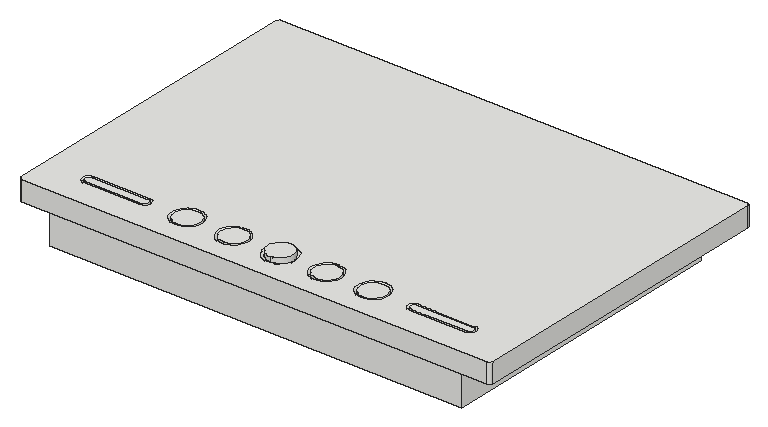
Revit family "Electronics -Communication_Urmet_1719-1", category Apparecchi elettrici, host Superficie, Revit 2017
Family settings
  Host = Superficie
  Mantenere orientamento annotazione = No
  Quota connettore circolare = Usa diametro
  Tipo di parte = Normale
  Taglio con vuoti quando caricato = No
  Condiviso = No
  Punto di calcolo locali = No
Parameters
  Youtube clip = ""
  Wiring = "2 wires"
  Weight net = 0.704 kg
  Voltage = "Low voltage (<50Vdc)"
  Video luminosity regulation = yes
  Video contrast regulation = no
  Video color regulation = yes
  Uniformat II Description = "Communications & Security"
  Uniformat II Code = "D5030"
  Uniclass 2015 Name = "Intercom remote handsets"
  Uniclass 2015 Code = "Pr_75_75_27_43"
  Uniclass 2.0 Description = "Intercom Remote Handsets"
  Uniclass 2.0 Code = "PR-16-02-43"
  Uniclass 1.4 Description = "Intercom systems"
  Uniclass 1.4 Code = "L7632"
  URL = "https://www.urmet.com"
  UNSPSC Code = "43221525"
  UE Conformity Declaration: = "http://qrcode.urmet.com/default.aspx?prodUrmet=141428&lingua=en"
  Type image = "http://qrcode.urmet.com/default.aspx?prodUrmet=141428&lingua=en"
  Touch Display = yes
  Terminal block labels = "2xLINE IN  2xLINE OUT  2xCP  S+  S-  C  Y1  Y2"
  Temperature range (°C) = "-5/45"
  Technical description = "http://qrcode.urmet.com/default.aspx?prodUrmet=141428&lingua=en"
  System technology = "2 wires"
  System name = "2Voice\r\n2Voice\r\n2Voice\r\n2Voice"
  Switchboard call = yes
  Sustainability Performance = "RAEE/WEEE compliant"
  Selectable ringtone for external calls and floor call = yes
  Ringing volume regulation = yes
  Ringing off (mute) function = yes
  Remote relay activations = "1"
  Region South America = "All"
  Region Oceania = "All"
  Region North America = "All"
  Region Middle East = "All"
  Region Europe = "All"
  Region Asia = "All"
  Region Antarctica = "All"
  Region Africa = "All"
  QR code = ""
  Product url = "http://qrcode.urmet.com/default.aspx?prodUrmet=141428&lingua=en"
  Product group = ""
  Product family = ""
  Product data url = ""
  Product certification = "http://qrcode.urmet.com/default.aspx?prodUrmet=141428&lingua=en"
  Product SKU = "1719-1"
  Product Guide: = "http://qrcode.urmet.com/default.aspx?prodUrmet=141428&lingua=en"
  Predisposition for external optional ringer = yes
  Power consumption: = "http://qrcode.urmet.com/default.aspx?arg=manuali&sezione=2voice&lingua=en"
  Pedestrian door opening = yes
  Outgoing intercom calls = "1/2"
  OmniClass Description = "Door Entry Telephones"
  OmniClass Code = "23-37 23 17 13"
  Number of mechanical Pushbuttons = "0"
  Number of Touch buttons = "7"
  Nominal width = 202 mm
  Nominal height = 142 mm
  NBS Reference Description = "Intercom Remote Handsets"
  NBS Reference Code = "16-02-43"
  N. od terminal blocks = "11"
  Modello = "vmodo"
  Material main = "Plastic"
  Masterformat 2014 Description = "Residential Intercommunications and Program Systems"
  Masterformat 2014 Code = "27 51 23.30"
  Manufacturer country = "China"
  Produttore = "Urmet S.p.A.\r\nUrmet S.p.A."
  Main led signalizations = "2"
  Keynote = ""
  Installation on 503 flush and 60 mm diameter round boxes = yes
  Installation instructions = "http://qrcode.urmet.com/default.aspx?prodUrmet=141428&lingua=en"
  Installation = "Surface mounting"
  Incoming floor call = yes
  IP Grade = "30"
  IK Grade = "-"
  IFC Classification = "Electrical Element"
  Humidity range (%) = "95%"
  Home automation Yokis buttons = "2"
  Handset /Hands free = "Hands free"
  Gate door opening = yes
  GTIN code = ""
  Finishing = "Gloss"
  Edition number = 2
  EAN Product Code = "8021156064120"
  Display resolution (pixel) = "800x480"
  Display Format = "16:9/4:3"
  Display Dimensions = "7\""
  Dimensions (LxHxP) = "202 x 142 x 23 mm"
  Design country = "Italy"
  Descrizione = "VIDEO DOOR PHONE 7\" HANDSFREE SOFT TOUCH"
  Default Elevation = 1219.2 mm
  Date of publishing = "2021-01-21"
  Data-sheet: = "http://qrcode.urmet.com/default.aspx?prodUrmet=141428&lingua=en"
  Combined Nomenclature Code = "8517691000"
  Color = "White RAL9003"
  Call forwarding = "Yes, with optional device"
  COBIe Type Category = ""
  Brand url = "https://www.urmet.com/en-us/"
  Auxiliary antenna for Hearing impaired people = no
  Automatic door opening function = yes
  Auto-insertion function and scrolling of CCTV cameras = yes
  Audio or Audio/Video system = "Audio/video"
  Codice assieme = "1719/1"
  Additional led signalizations = "4"
Reference planes
  plane 1 "Center (Front/Back)": y = 0
  plane 2: z = 0
  plane 3 "Center (Left/Right)": x = 0
Forms (mm)
  Extrusion 1, solid, not visible
    sketch origin (125, -1171.075, 27.5) x (0, 1, 0) y (-1, 0, 0)
      loop
        line (1178.319, 161.344) -> (1158.319, 161.344) -> (1158.319, 146.344) -> (1178.319, 146.344) -> (1178.319, 161.344)
      loop
        line (1178.319, 134.375) -> (1158.319, 134.375) -> (1158.319, 118.017) -> (1178.319, 118.017) -> (1178.319, 134.375)
    from -17.093 to -27.5
  Extrusion 2, solid, material "Plastic - Urmet Plastic - RAL9003 - Gloss", not visible, detail levels fine
    sketch origin (125, -1171.075, 27.5) x (0, 1, 0) y (-1, 0, 0)
      loop
        line (1271.075, 51) -> (1271.075, 199)
        arc (1271.075, 199) -> (1267.414, 207.839) -> (1258.575, 211.5) r 12.5
        line (1258.575, 211.5) -> (1083.575, 211.5)
        arc (1083.575, 211.5) -> (1074.736, 207.839) -> (1071.075, 199) r 12.5
        line (1071.075, 199) -> (1071.075, 51)
        arc (1071.075, 51) -> (1074.736, 42.161) -> (1083.575, 38.5) r 12.5
        line (1083.575, 38.5) -> (1258.575, 38.5)
        arc (1258.575, 38.5) -> (1267.414, 42.161) -> (1271.075, 51) r 12.5
    from 0 to -27.5
  Sweep 3, void, not visible
    path origin (125, -1208.075, 27.5) x (1, 0, 0) y (0, 1, 0)
      loop
        circle (-109.73, 1168.075) r 5
    profile origin (15.27, -45, 27.5) x (0, -1, 0) y (0, 0, 1)
      loop
        line (0, 0) -> (0, -1)
        arc (0, -1) -> (0.856, -0.658) -> (1.5, 0) r 2.228
        line (1.5, 0) -> (0, 0)
  Revolve 4, void, not visible
    sketch origin (15.27, -1171.075, -75) x (0, 0, 1) y (0, 1, 0)
      loop
        line (100.7, 1168.075) -> (100.7, 1159.075)
        arc (100.7, 1159.075) -> (101.176, 1156.974) -> (102.5, 1155.275) r 4.946
        line (102.5, 1155.275) -> (102.5, 1168.075) -> (100.7, 1168.075)
      axis (102.5, 1168.075) -> (100.7, 1168.075)
    angle from 0 to 360
  Sweep 5, void, not visible
    path origin (125, -1225.575, 27.5) x (1, 0, 0) y (0, 1, 0)
      loop
        circle (-109.73, 1168.075) r 5
    profile origin (15.27, -62.5, 27.5) x (0, -1, 0) y (0, 0, 1)
      loop
        line (0, 0) -> (0, -1)
        arc (0, -1) -> (0.856, -0.658) -> (1.5, 0) r 2.228
        line (1.5, 0) -> (0, 0)
  Sweep 6, void, not visible
    path origin (125, -1243.075, 27.5) x (1, 0, 0) y (0, 1, 0)
      loop
        circle (-109.73, 1168.075) r 5
    profile origin (15.27, -80, 27.5) x (0, -1, 0) y (0, 0, 1)
      loop
        line (0, 0) -> (0, -1)
        arc (0, -1) -> (0.856, -0.658) -> (1.5, 0) r 2.228
        line (1.5, 0) -> (0, 0)
  Sweep 7, void, not visible
    path origin (125, -1171.075, 27.5) x (1, 0, 0) y (0, 1, 0)
      loop
        arc (-196.8, 1251.675) -> (-197.578, 1251.353) -> (-197.9, 1250.575) r 1.1
        line (-197.9, 1250.575) -> (-197.9, 1196.175)
        arc (-197.9, 1196.175) -> (-197.578, 1195.397) -> (-196.8, 1195.075) r 1.1
        line (-196.8, 1195.075) -> (-101.6, 1195.075)
        arc (-101.6, 1195.075) -> (-100.822, 1195.397) -> (-100.5, 1196.175) r 1.1
        line (-100.5, 1196.175) -> (-100.5, 1250.575)
        arc (-100.5, 1250.575) -> (-100.822, 1251.353) -> (-101.6, 1251.675) r 1.1
        line (-101.6, 1251.675) -> (-196.8, 1251.675)
    profile origin (-24.2, 80.6, 27.5) x (0, 1, 0) y (0, 0, 1)
      loop
        line (0, 0) -> (0, -1)
        arc (0, -1) -> (2.056, -0.725) -> (4, 0) r 9.264
        line (4, 0) -> (0, 0)
  Extrusion 8, void, not visible
    sketch origin (125, -1171.075, 27.5) x (1, 0, 0) y (0, 1, 0)
      loop
        line (-101.6, 1251.675) -> (-196.8, 1251.675)
        arc (-196.8, 1251.675) -> (-197.578, 1251.353) -> (-197.9, 1250.575) r 1.1
        line (-197.9, 1250.575) -> (-197.9, 1196.175)
        arc (-197.9, 1196.175) -> (-197.578, 1195.397) -> (-196.8, 1195.075) r 1.1
        line (-196.8, 1195.075) -> (-101.6, 1195.075)
        arc (-101.6, 1195.075) -> (-100.822, 1195.397) -> (-100.5, 1196.175) r 1.1
        line (-100.5, 1196.175) -> (-100.5, 1250.575)
        arc (-100.5, 1250.575) -> (-100.822, 1251.353) -> (-101.6, 1251.675) r 1.1
    from -3 to 3
  Sweep 9, void, not visible
    path origin (172.23, -1171.075, 27.5) x (1, 0, 0) y (0, 1, 0)
      loop
        circle (-109.73, 1168.075) r 10.6
    profile origin (62.5, -13.6, 27.5) x (0, -1, 0) y (0, 0, 1)
      loop
        arc (0, -1) -> (2.059, -0.736) -> (4, 0) r 8.84
        line (4, 0) -> (0, 0) -> (0, -1)
  Extrusion 10, solid, material "Plastic - Urmet Plastic - RAL9003 - Gloss", not visible, detail levels fine
    sketch origin (125, -1171.075, 40) x (1, 0, 0) y (0, 1, 0)
      loop
        arc (-74.15, 1271.075) -> (-82.989, 1267.414) -> (-86.65, 1258.575) r 12.5
        line (-86.65, 1258.575) -> (-86.65, 1083.575)
        arc (-86.65, 1083.575) -> (-82.989, 1074.736) -> (-74.15, 1071.075) r 12.5
        line (-74.15, 1071.075) -> (-50.85, 1071.075)
        arc (-50.85, 1071.075) -> (-42.011, 1074.736) -> (-38.35, 1083.575) r 12.5
        line (-38.35, 1083.575) -> (-38.35, 1258.575)
        arc (-38.35, 1258.575) -> (-42.011, 1267.414) -> (-50.85, 1271.075) r 12.5
        line (-50.85, 1271.075) -> (-74.15, 1271.075)
    from 0 to 12
  Blend 11, solid, material "Plastic - Urmet Plastic - RAL9003 - Gloss", not visible, detail levels fine
    base sketch origin (125, -100, -75.097) x (0, 0, -1) y (1, 0, 0)
      loop
        circle (-121, -62.5) r 3.3
    top sketch origin (125, -114.75, -75.097) x (0, 0, -1) y (1, 0, 0)
      loop
        circle (-121, -62.5) r 4
    from 14.75 to -14.75
  Blend 12, solid, material "Plastic - Urmet Plastic - RAL9003 - Gloss", not visible, detail levels fine
    base sketch origin (125, -1223.47, 40) x (0, 1, 0) y (-1, 0, 0)
      loop
        circle (1157.475, 62.5) r 17.534
    top sketch origin (125, -1223.47, 40) x (0, 1, 0) y (-1, 0, 0)
      loop
        circle (1157.475, 62.5) r 22.447
    from -12.5 to 0
  Blend 13, solid, material "Plastic - Urmet Plastic - RAL9003 - Gloss", not visible, detail levels fine
    base sketch origin (125, -1088.47, 40) x (0, 1, 0) y (-1, 0, 0)
      loop
        circle (1157.475, 62.5) r 17.534
    top sketch origin (125, -1088.47, 40) x (0, 1, 0) y (-1, 0, 0)
      loop
        circle (1157.475, 62.5) r 22.447
    from -12.5 to 0
  Extrusion 14, solid, material "Plastic - Urmet Plastic - RAL9003 - Gloss", not visible, detail levels medium
    sketch origin (425, -1171.075, 27.5) x (0, 1, 0) y (-1, 0, 0)
      loop
        line (1271.075, 51) -> (1271.075, 199)
        arc (1271.075, 199) -> (1267.414, 207.839) -> (1258.575, 211.5) r 12.5
        line (1258.575, 211.5) -> (1083.575, 211.5)
        arc (1083.575, 211.5) -> (1074.736, 207.839) -> (1071.075, 199) r 12.5
        line (1071.075, 199) -> (1071.075, 51)
        arc (1071.075, 51) -> (1074.736, 42.161) -> (1083.575, 38.5) r 12.5
        line (1083.575, 38.5) -> (1258.575, 38.5)
        arc (1258.575, 38.5) -> (1267.414, 42.161) -> (1271.075, 51) r 12.5
    from 0 to -27.5
  Extrusion 15, solid, material "Plastic - Urmet Plastic - RAL9003 - Gloss", not visible, detail levels medium
    sketch origin (425, -1171.075, 40) x (1, 0, 0) y (0, 1, 0)
      loop
        arc (-74.15, 1271.075) -> (-82.989, 1267.414) -> (-86.65, 1258.575) r 12.5
        line (-86.65, 1258.575) -> (-86.65, 1083.575)
        arc (-86.65, 1083.575) -> (-82.989, 1074.736) -> (-74.15, 1071.075) r 12.5
        line (-74.15, 1071.075) -> (-50.85, 1071.075)
        arc (-50.85, 1071.075) -> (-42.011, 1074.736) -> (-38.35, 1083.575) r 12.5
        line (-38.35, 1083.575) -> (-38.35, 1258.575)
        arc (-38.35, 1258.575) -> (-42.011, 1267.414) -> (-50.85, 1271.075) r 12.5
        line (-50.85, 1271.075) -> (-74.15, 1271.075)
    from 0 to 12
  Extrusion 16, void, not visible, detail levels medium
    sketch origin (425, -1171.075, 27.5) x (-1, 0, 0) y (0, 1, 0)
      loop
        line (197.9, 1251.675) -> (100.5, 1251.675) -> (100.5, 1195.075) -> (197.9, 1195.075) -> (197.9, 1251.675)
    from 0 to 3
  Extrusion 17, solid, material "Plastic - Urmet Plastic - RAL9003 - Gloss", not visible, detail levels medium
    sketch origin (125, -1171.075, 27.5) x (0, 1, 0) y (-1, 0, 0)
      loop
        circle (1105.08, -237.35) r 20
      loop
        circle (1240.08, -237.35) r 20
    from 0 to 12.5
  Extrusion 18, solid, material "Plastic - Urmet Plastic - RAL9003 - Gloss", not visible, detail levels coarse
    sketch origin (125, -1171.075, 27.5) x (0, 1, 0) y (-1, 0, 0)
      loop
        line (1271.075, -388.5) -> (1071.075, -388.5) -> (1071.075, -561.65) -> (1271.075, -561.65) -> (1271.075, -388.5)
    from -27.5 to 24.5
  Extrusion 19, solid, material "Plastic - Urmet Plastic - RAL9003 - Gloss", not visible, detail levels fine
    sketch origin (125, -1171.075, 27.5) x (0, 1, 0) y (-1, 0, 0)
      loop
        circle (1168.075, 109.73) r 8.6
    from -1.8 to 1.2
  Extrusion 20, solid, material "Plastic - Urmet Plastic - RAL9003 - Gloss", not visible, detail levels fine
    sketch origin (10, 0, 0) x (1, 0, 0) y (0, 0, 1)
      loop
        circle (27.785, 21.154) r 1.5
    from 100 to 110.794
  Extrusion 21, solid, material "Plastic - Urmet Plastic - RAL9003 - Gloss", not visible, detail levels fine
    sketch origin (10, 0, 0) x (1, 0, 0) y (0, 0, 1)
      loop
        circle (27.801, 21.17) r 5
    from 110.794 to 130.126
  Extrusion 22, solid, material "Plastic - Urmet Plastic - RAL9003 - Gloss", not visible, detail levels fine
    sketch origin (34.699, 0, 24.699) x (1, 0, 0) y (0, 0, 1)
      loop
        circle (27.785, 21.154) r 1.5
    from 114.75 to 125.552
  Extrusion 23, solid, material "Plastic - Urmet Plastic - RAL9003 - Gloss", not visible, detail levels fine
    sketch origin (34.699, 0, 24.699) x (1, 0, 0) y (0, 0, 1)
      loop
        circle (27.801, 21.17) r 5
    from 125.552 to 143.369
  Extrusion 24, solid, material "Plastic - Urmet Plastic - RAL9003 - Gloss", detail levels fine
    sketch origin (125, -1171.075, -0.3) x (0, 1, 0) y (-1, 0, 0)
      loop
        arc (1242.075, 224.5) -> (1241.636, 225.561) -> (1240.575, 226) r 1.5
        line (1240.575, 226) -> (1103.689, 226)
        arc (1103.689, 226) -> (1102.629, 225.561) -> (1102.189, 224.5) r 1.5
        line (1102.189, 224.5) -> (1102.189, 24.638)
        arc (1102.189, 24.638) -> (1102.629, 23.578) -> (1103.689, 23.138) r 1.5
        line (1103.689, 23.138) -> (1240.575, 23.138)
        arc (1240.575, 23.138) -> (1241.636, 23.578) -> (1242.075, 24.638) r 1.5
        line (1242.075, 24.638) -> (1242.075, 224.5)
    from 14 to 22.3
  Revolve 25, void
    sketch origin (0, -104.83, 0) x (0, 1, 0) y (0, 0, 1)
      loop
        line (50.53, 22) -> (50.53, 20.5) -> (56.03, 20.5) -> (56.03, 21.417) -> (57.28, 22) -> (50.53, 22)
      axis (50.53, 20.5) -> (50.53, 22)
    angle from 0 to 360
  Extrusion 26, solid, material "Plastic - Urmet Plastic - RAL9003 - Gloss", detail levels fine
    sketch origin (0, -54.3, 20.5) x (0, 1, 0) y (-1, 0, 0)
      loop
        circle (0, 0) r 5.4
    from 0 to 3
  Sweep 27, void
    path origin (119.498, -1167.646, 22) x (0, 1, 0) y (-1, 0, 0)
      loop
        circle (1113.346, 99.498) r 5.5
    profile origin (14.5, -54.3, 22) x (1, 0, 0) y (0, 0, 1)
      loop
        line (0, 0) -> (-1, 0) -> (0, -1) -> (0, 0)
  Sweep 28, void
    path origin (139.498, -1167.646, 22) x (0, 1, 0) y (-1, 0, 0)
      loop
        circle (1113.346, 99.498) r 5.5
    profile origin (34.5, -54.3, 22) x (1, 0, 0) y (0, 0, 1)
      loop
        line (0, 0) -> (-1, 0) -> (0, -1) -> (0, 0)
  Sweep 29, void
    path origin (-119.498, -1167.646, 22) x (0, 1, 0) y (-1, 0, 0)
      loop
        circle (1113.346, -99.498) r 5.5
    profile origin (-14.5, -54.3, 22) x (1, 0, 0) y (0, 0, 1)
      loop
        line (0, 0) -> (0, -1) -> (1, 0) -> (0, 0)
  Sweep 30, void
    path origin (-139.498, -1167.646, 22) x (0, 1, 0) y (-1, 0, 0)
      loop
        circle (1113.346, -99.498) r 5.5
    profile origin (-34.5, -54.3, 22) x (1, 0, 0) y (0, 0, 1)
      loop
        line (0, 0) -> (0, -1) -> (1, 0) -> (0, 0)
  Sweep 31, void
    path origin (119.284, -1171.075, 22) x (0, 1, 0) y (-1, 0, 0)
      loop
        line (1118.028, 37.264) -> (1118.028, 61.264)
        arc (1118.028, 61.264) -> (1116.378, 62.914) -> (1114.728, 61.264) r 1.65
        line (1114.728, 61.264) -> (1114.728, 37.264)
        arc (1114.728, 37.264) -> (1116.378, 35.614) -> (1118.028, 37.264) r 1.65
    profile origin (70.02, -53.047, 22) x (0, -1, 0) y (0, 0, 1)
      loop
        line (0, 0) -> (-1, 0) -> (0, -1) -> (0, 0)
  Sweep 32, void
    path origin (-119.284, -1171.075, 22) x (0, 1, 0) y (-1, 0, 0)
      loop
        arc (1118.028, -37.264) -> (1116.378, -35.614) -> (1114.728, -37.264) r 1.65
        line (1114.728, -37.264) -> (1114.728, -61.264)
        arc (1114.728, -61.264) -> (1116.378, -62.914) -> (1118.028, -61.264) r 1.65
        line (1118.028, -61.264) -> (1118.028, -37.264)
    profile origin (-70.02, -53.047, 22) x (0, 1, 0) y (0, 0, 1)
      loop
        line (0, 0) -> (0, -1) -> (1, 0) -> (0, 0)
  Extrusion 33, solid, material "Plastic - Urmet Plastic - RAL9003 - Gloss", detail levels fine
    sketch origin (125, -1171.075, 22) x (0, 1, 0) y (-1, 0, 0)
      loop
        line (1232.075, 213.7) -> (1103.423, 213.7) -> (1103.423, 36.3) -> (1232.075, 36.3) -> (1232.075, 213.7)
    from -22 to -8.3
  Extrusion 34, solid, material "Plastic - Urmet Plastic - RAL9003 - Gloss", detail levels medium
    sketch origin (-315, 0, 0) x (1, 0, 0) y (0, 1, 0)
      loop
        line (214, 69.5) -> (214, -67.386)
        arc (214, -67.386) -> (214.439, -68.446) -> (215.5, -68.886) r 1.5
        line (215.5, -68.886) -> (415.362, -68.886)
        arc (415.362, -68.886) -> (416.422, -68.446) -> (416.862, -67.386) r 1.5
        line (416.862, -67.386) -> (416.862, 69.5)
        arc (416.862, 69.5) -> (416.422, 70.561) -> (415.362, 71) r 1.5
        line (415.362, 71) -> (215.5, 71)
        arc (215.5, 71) -> (214.439, 70.561) -> (214, 69.5) r 1.5
    from 13.7 to 22
  Extrusion 35, solid, material "Plastic - Urmet Plastic - RAL9003 - Gloss", detail levels medium
    sketch origin (125, -1171.075, 22) x (0, 1, 0) y (-1, 0, 0)
      loop
        line (1232.075, 213.7) -> (1103.423, 213.7) -> (1103.423, 36.3) -> (1232.075, 36.3) -> (1232.075, 213.7)
    from -22 to -8.3
  Extrusion 36, solid, material "Plastic - Urmet Plastic - RAL9003 - Gloss", detail levels coarse
    sketch origin (-315, 0, 0) x (1, 0, 0) y (0, 1, 0)
      loop
        line (214, 71) -> (214, -68.886) -> (416.862, -68.886) -> (416.862, 71) -> (214, 71)
    from 0 to 22
  Extrusion 37, solid, material "Plastic - Urmet Plastic - RAL9003 - Gloss", not visible, detail levels fine
    sketch origin (125, -1171.075, -0.3) x (0, 1, 0) y (-1, 0, 0)
      loop
        arc (1242.075, 224.5) -> (1241.636, 225.561) -> (1240.575, 226) r 1.5
        line (1240.575, 226) -> (1103.689, 226)
        arc (1103.689, 226) -> (1102.629, 225.561) -> (1102.189, 224.5) r 1.5
        line (1102.189, 224.5) -> (1102.189, 24.638)
        arc (1102.189, 24.638) -> (1102.629, 23.578) -> (1103.689, 23.138) r 1.5
        line (1103.689, 23.138) -> (1240.575, 23.138)
        arc (1240.575, 23.138) -> (1241.636, 23.578) -> (1242.075, 24.638) r 1.5
        line (1242.075, 24.638) -> (1242.075, 224.5)
    from 14 to 22.3
  Revolve 38, void, not visible
    sketch origin (0, -104.83, 0) x (0, 1, 0) y (0, 0, 1)
      loop
        line (50.53, 22) -> (50.53, 20.5) -> (56.03, 20.5) -> (56.03, 21.417) -> (57.28, 22) -> (50.53, 22)
      axis (50.53, 20.5) -> (50.53, 22)
    angle from 0 to 360
  Extrusion 39, solid, material "Plastic - Urmet Plastic - RAL9003 - Gloss", not visible, detail levels fine
    sketch origin (0, -54.3, 20.5) x (0, 1, 0) y (-1, 0, 0)
      loop
        circle (0, 0) r 5.4
    from 0 to 3
  Sweep 40, void, not visible
    path origin (119.498, -1167.646, 22) x (0, 1, 0) y (-1, 0, 0)
      loop
        circle (1113.346, 99.498) r 5.5
    profile origin (14.5, -54.3, 22) x (1, 0, 0) y (0, 0, 1)
      loop
        line (0, 0) -> (-1, 0) -> (0, -1) -> (0, 0)
  Sweep 41, void, not visible
    path origin (139.498, -1167.646, 22) x (0, 1, 0) y (-1, 0, 0)
      loop
        circle (1113.346, 99.498) r 5.5
    profile origin (34.5, -54.3, 22) x (1, 0, 0) y (0, 0, 1)
      loop
        line (0, 0) -> (-1, 0) -> (0, -1) -> (0, 0)
  Sweep 42, void, not visible
    path origin (-119.498, -1167.646, 22) x (0, 1, 0) y (-1, 0, 0)
      loop
        circle (1113.346, -99.498) r 5.5
    profile origin (-14.5, -54.3, 22) x (1, 0, 0) y (0, 0, 1)
      loop
        line (0, 0) -> (0, -1) -> (1, 0) -> (0, 0)
  Sweep 43, void, not visible
    path origin (-139.498, -1167.646, 22) x (0, 1, 0) y (-1, 0, 0)
      loop
        circle (1113.346, -99.498) r 5.5
    profile origin (-34.5, -54.3, 22) x (1, 0, 0) y (0, 0, 1)
      loop
        line (0, 0) -> (0, -1) -> (1, 0) -> (0, 0)
  Sweep 44, void, not visible
    path origin (119.284, -1171.075, 22) x (0, 1, 0) y (-1, 0, 0)
      loop
        line (1118.028, 37.264) -> (1118.028, 61.264)
        arc (1118.028, 61.264) -> (1116.378, 62.914) -> (1114.728, 61.264) r 1.65
        line (1114.728, 61.264) -> (1114.728, 37.264)
        arc (1114.728, 37.264) -> (1116.378, 35.614) -> (1118.028, 37.264) r 1.65
    profile origin (70.02, -53.047, 22) x (0, -1, 0) y (0, 0, 1)
      loop
        line (0, 0) -> (-1, 0) -> (0, -1) -> (0, 0)
  Sweep 45, void, not visible
    path origin (-119.284, -1171.075, 22) x (0, 1, 0) y (-1, 0, 0)
      loop
        arc (1118.028, -37.264) -> (1116.378, -35.614) -> (1114.728, -37.264) r 1.65
        line (1114.728, -37.264) -> (1114.728, -61.264)
        arc (1114.728, -61.264) -> (1116.378, -62.914) -> (1118.028, -61.264) r 1.65
        line (1118.028, -61.264) -> (1118.028, -37.264)
    profile origin (-70.02, -53.047, 22) x (0, 1, 0) y (0, 0, 1)
      loop
        line (0, 0) -> (0, -1) -> (1, 0) -> (0, 0)
  Extrusion 46, solid, material "Plastic - Urmet Plastic - RAL9003 - Gloss", not visible, detail levels fine
    sketch origin (125, -1171.075, 22) x (0, 1, 0) y (-1, 0, 0)
      loop
        line (1232.075, 213.7) -> (1103.423, 213.7) -> (1103.423, 36.3) -> (1232.075, 36.3) -> (1232.075, 213.7)
    from -22 to -8.3
  Extrusion 47, solid, material "Plastic - Urmet Plastic - RAL9003 - Gloss", not visible, detail levels medium
    sketch origin (0, 0, 0) x (1, 0, 0) y (0, 1, 0)
      loop
        line (214, 69.5) -> (214, -67.386)
        arc (214, -67.386) -> (214.439, -68.446) -> (215.5, -68.886) r 1.5
        line (215.5, -68.886) -> (415.362, -68.886)
        arc (415.362, -68.886) -> (416.422, -68.446) -> (416.862, -67.386) r 1.5
        line (416.862, -67.386) -> (416.862, 69.5)
        arc (416.862, 69.5) -> (416.422, 70.561) -> (415.362, 71) r 1.5
        line (415.362, 71) -> (215.5, 71)
        arc (215.5, 71) -> (214.439, 70.561) -> (214, 69.5) r 1.5
    from 13.7 to 22
  Extrusion 48, solid, material "Plastic - Urmet Plastic - RAL9003 - Gloss", not visible, detail levels medium
    sketch origin (440, -1171.075, 22) x (0, 1, 0) y (-1, 0, 0)
      loop
        line (1232.075, 213.7) -> (1103.423, 213.7) -> (1103.423, 36.3) -> (1232.075, 36.3) -> (1232.075, 213.7)
    from -22 to -8.3
  Extrusion 49, solid, material "Plastic - Urmet Plastic - RAL9003 - Gloss", not visible, detail levels coarse
    sketch origin (260, 0, 0) x (1, 0, 0) y (0, 1, 0)
      loop
        line (214, 71) -> (214, -68.886) -> (416.862, -68.886) -> (416.862, 71) -> (214, 71)
    from 0 to 22
Cuts and joins
  Revolve 25, Sweep 27, Sweep 28, Sweep 29, Sweep 30, Sweep 31, Sweep 32 cuts Extrusion 24
Lines and regions (mm)
  Masking region 1
    outline origin (0, 0, 0) x (1, 0, 0) y (0, 0, 1)
      loop
        line (101.862, 22) -> (-101, 22) -> (-101, 13.7) -> (-88.7, 13.7) -> (-88.7, 0) -> (88.7, 0) -> (88.7, 13.7) -> (101.862, 13.7) -> (101.862, 22)
  Split face 1
    outline origin (-279, 71, 22) x (-1, 0, 0) y (0, -1, 0)
      loop
        line (-181, 5.3) -> (-181, 112) -> (-377, 112) -> (-377, 5.3)
        arc (-377, 5.3) -> (-376.326, 3.674) -> (-374.7, 3) r 2.3
        line (-374.7, 3) -> (-183.3, 3)
        arc (-183.3, 3) -> (-181.674, 3.674) -> (-181, 5.3) r 2.3
  Split face 2
    outline origin (-279, 71, 22) x (-1, 0, 0) y (0, -1, 0)
      loop
        line (-355.8, 14.7) -> (-202.2, 14.7) -> (-202.2, 100.1) -> (-355.8, 100.1) -> (-355.8, 14.7)
  Split face 3
    outline origin (-315, 0, 22) x (1, 0, 0) y (0, 1, 0)
      loop
        line (238.631, 56.3) -> (238.631, -29.1) -> (392.231, -29.1) -> (392.231, 56.3) -> (238.631, 56.3)
  Split face 4, not visible
    outline origin (-279, 71, 22) x (-1, 0, 0) y (0, -1, 0)
      loop
        line (-181, 5.3) -> (-181, 112) -> (-377, 112) -> (-377, 5.3)
        arc (-377, 5.3) -> (-376.326, 3.674) -> (-374.7, 3) r 2.3
        line (-374.7, 3) -> (-183.3, 3)
        arc (-183.3, 3) -> (-181.674, 3.674) -> (-181, 5.3) r 2.3
  Split face 5, not visible
    outline origin (-279, 71, 22) x (-1, 0, 0) y (0, -1, 0)
      loop
        line (-355.8, 14.7) -> (-202.2, 14.7) -> (-202.2, 100.1) -> (-355.8, 100.1) -> (-355.8, 14.7)
  Split face 6, not visible
    outline origin (0, 0, 22) x (1, 0, 0) y (0, 1, 0)
      loop
        line (238.631, 56.3) -> (238.631, -29.1) -> (392.231, -29.1) -> (392.231, 56.3) -> (238.631, 56.3)
Dimensions and locks
  aligned and locked: plane 2 to host face
  aligned and locked: level to host face
Connectors
  electrical at (-1.196, -2.756, 0)
    settings: on Extrusion 1, index 1, voltage 0 V, apparent load 0 VA, apparent load phase1 0 VA, apparent load phase2 0 VA, apparent load phase3 0 VA, power factor 1, load classification "Other", number of poles 1, system type 5, power factor state 1, is connector primary yes, connector utility no, sub classification motor no, connector description "Data Connector"
  electrical at (-28.844, -2.756, 0)
    settings: on Extrusion 1, index 2, voltage 230 V, apparent load 0 VA, apparent load phase1 0 VA, apparent load phase2 0 VA, apparent load phase3 0 VA, power factor 1, load classification "Altro", number of poles 1, system type 31, power factor state 1, is connector primary no, connector utility no, sub classification motor no, connector description ""
